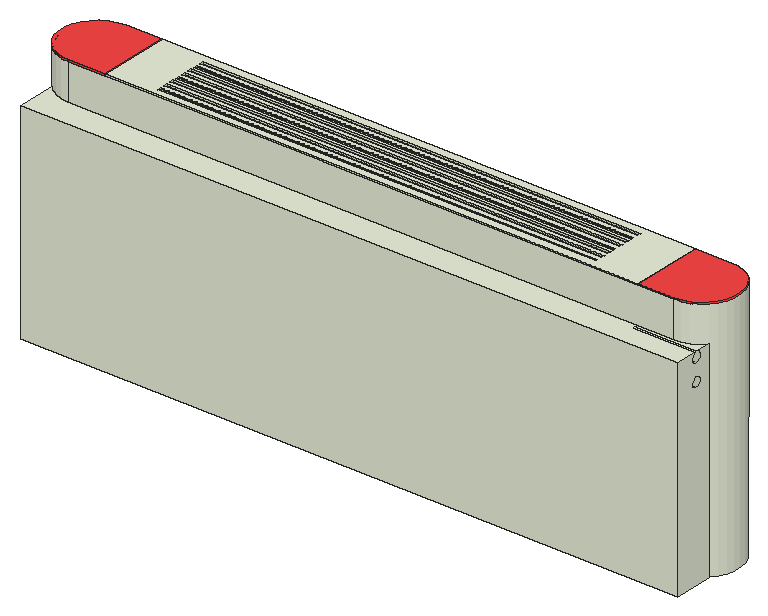
Revit family "MKH1-700-R3(R4) ", category Mechanical Equipment, Revit 2013
Parameters (values of type "MKH1-700-R4")
  clearance access up = 1500.000 mm
  clearance access right = 150.000 mm
  clearance access left = 150.000 mm
  clearance access down = 90.000 mm
  clearance access behind = 50.000 mm
  clearance [instance] = no
  Width = 495.000 mm
  Series = "FCU"
  Rated current = 0.48 A
  Power supply = "220-240V ~50Hz/60Hz"
  Power Input(H/M/L) = "110/89/64 W"
  Panel color = "WH101"
  Net Weight = 28.50 kg
  Model = "MKH1-700-R4"
  Manufacturer = "Midea"
  Machine material = Galvanized Steel
  Liquid pipe = 19.050 mm
  Installation = "Indoor installation"
  Height = 200.000 mm
  Heating Capacity(H/M/L) = "7.15/5.81/4.04 kW"
  Drain pipe = 18.500 mm
  Description = "High efficiency water cooled"
  Depth = 1360.000 mm
  Cooling Capacity(H/M/L) = "6.75/5.80/4.24 kW"
  Condensation = "water"
  Circuit breaker = 15 A
  Air Flow(H/M/L) = "1150/885/591 m3/h"
Types (3, lengths in mm): name | Rated current | Power Input(H/M/L) | Net Weight | Model | Heating Capacity(H/M/L) | Cooling Capacity(H/M/L) | Air Flow(H/M/L)
  (no name) | 0.48 A | "110/89/64 W" | 28.50 kg | "MKH1-700-R4" | "7.15/5.81/4.04 kW" | "6.75/5.80/4.24 kW" | "1150/885/591 m3/h"
  MKH1-700-R3 | 0.53 A | "123/98/68 W" | 27.30 kg | "MKH1-700-R3" | "6.15/4.92/3.49 kW" | "6.00/5.03/3.71 kW" | "1190/855/555 m3/h"
  MKH1-700-R4 | 0.48 A | "110/89/64 W" | 28.50 kg | "MKH1-700-R4" | "7.15/5.81/4.04 kW" | "6.75/5.80/4.24 kW" | "1150/885/591 m3/h"
Reference planes
  plane 1 "Center (Front/Back)": y = 0
  plane 2: z = 0
  plane 3 "Center (Left/Right)": x = 0
  plane 4: x = -680
  plane 5: x = 680
  plane 6: z = 200
  plane 7: z = 80
  plane 8: x = 323
  plane 9: x = -323
  plane 10: y = 28
  plane 11: y = -100
  plane 12: y = 100
  plane 13: y = 150
  plane 14: y = -44
  plane 15: x = 440
  plane 16: x = -440
Forms (mm)
  Extrusion 1, solid, material "Galvanized Steel" <- "Machine material"
    sketch origin (0, -100, 247.5) x (1, 0, 0) y (0, 1, 0)
      loop
        arc (608, 56) -> (680, 128) -> (608, 200) r 72
        line (608, 200) -> (-608, 200)
        arc (-608, 200) -> (-680, 128) -> (-608, 56) r 72
        line (-608, 56) -> (608, 56)
      loop
        line (608, 195) -> (-608, 195)
        arc (-608, 195) -> (-675, 128) -> (-608, 61) r 67
        line (-608, 61) -> (608, 61)
        arc (608, 61) -> (675, 128) -> (608, 195) r 67
    from -247.5 to 244.5
  Extrusion 2, solid, material "jinshu red"
    sketch origin (-115, -100, 247.5) x (1, 0, 0) y (0, 1, 0)
      loop
        arc (723, 56) -> (795, 128) -> (723, 200) r 72
        line (723, 200) -> (651, 200) -> (651, 56) -> (723, 56)
      loop
        arc (-493, 200) -> (-565, 128) -> (-493, 56) r 72
        line (-493, 56) -> (-421, 56) -> (-421, 200) -> (-493, 200)
    from 244.5 to 247.5
  Extrusion 3, solid, material "Galvanized Steel" <- "Machine material"
    sketch origin (0, -100, 247.5) x (1, 0, 0) y (0, 1, 0)
      loop
        line (-536, 200) -> (-536, 56) -> (536, 56) -> (536, 200) -> (-536, 200)
      loop
        line (-440, 183.236) -> (-440, 175.236) -> (440, 175.236) -> (440, 183.236) -> (-440, 183.236)
      loop
        line (-440, 168.236) -> (-440, 160.236) -> (440, 160.236) -> (440, 168.236) -> (-440, 168.236)
      loop
        line (-440, 153.236) -> (-440, 145.236) -> (440, 145.236) -> (440, 153.236) -> (-440, 153.236)
      loop
        line (-440, 138.236) -> (-440, 130.236) -> (440, 130.236) -> (440, 138.236) -> (-440, 138.236)
      loop
        line (-440, 123.236) -> (-440, 115.236) -> (440, 115.236) -> (440, 123.236) -> (-440, 123.236)
      loop
        line (-440, 108.236) -> (-440, 100.236) -> (440, 100.236) -> (440, 108.236) -> (-440, 108.236)
      loop
        line (-440, 93.236) -> (-440, 85.236) -> (440, 85.236) -> (440, 93.236) -> (-440, 93.236)
      loop
        line (-440, 78.236) -> (-440, 70.236) -> (440, 70.236) -> (440, 78.236) -> (-440, 78.236)
    from 244.5 to 247.5
  Extrusion 4, solid, material "Galvanized Steel" <- "Machine material"
    sketch origin (0, -100, 247.5) x (1, 0, 0) y (0, 1, 0)
      loop
        line (-660, 0) -> (660, 0) -> (660, 78.2)
        arc (660, 78.2) -> (636.27, 61.782) -> (608, 56) r 72
        line (608, 56) -> (-608, 56)
        arc (-608, 56) -> (-636.27, 61.782) -> (-660, 78.2) r 72
        line (-660, 78.2) -> (-660, 0)
    from -247.5 to 172.347
  Extrusion 5, solid, material "Galvanized Steel" <- "Machine material"
    sketch origin (0, -100, 247.5) x (1, 0, 0) y (0, 1, 0)
      loop
        line (608, 195) -> (-608, 195)
        arc (-608, 195) -> (-675, 128) -> (-608, 61) r 67
        line (-608, 61) -> (608, 61)
        arc (608, 61) -> (675, 128) -> (608, 195) r 67
    from -247.5 to -152.5
  Extrusion 6, solid, material "Galvanized Steel" <- "Machine material"
    sketch origin (500, 500, 0) x (0, -1, 0) y (0, 0, -1)
      loop
        circle (552.877, -410.569) r 9.525
    from 36 to 160
  Extrusion 7, solid, material "Galvanized Steel" <- "Machine material"
    sketch origin (500, 500, -45) x (0, -1, 0) y (0, 0, -1)
      loop
        circle (552.877, -410.569) r 9
    from 36 to 160
  Extrusion 8, void
    sketch origin (-323, 100, 247.5) x (-1, 0, 0) y (0, 0, -1)
      loop
        line (-798, 27.765) -> (-748, 27.765)
        arc (-748, 27.765) -> (-745.5, 30.265) -> (-748, 32.765) r 2.5
        line (-748, 32.765) -> (-798, 32.765)
        arc (-798, 32.765) -> (-800.5, 30.265) -> (-798, 27.765) r 2.5
      loop
        line (-738, 27.765) -> (-688, 27.765)
        arc (-688, 27.765) -> (-685.5, 30.265) -> (-688, 32.765) r 2.5
        line (-688, 32.765) -> (-738, 32.765)
        arc (-738, 32.765) -> (-740.5, 30.265) -> (-738, 27.765) r 2.5
      loop
        line (-678, 27.765) -> (-628, 27.765)
        arc (-628, 27.765) -> (-625.5, 30.265) -> (-628, 32.765) r 2.5
        line (-628, 32.765) -> (-678, 32.765)
        arc (-678, 32.765) -> (-680.5, 30.265) -> (-678, 27.765) r 2.5
      loop
        line (-618, 27.765) -> (-568, 27.765)
        arc (-568, 27.765) -> (-565.5, 30.265) -> (-568, 32.765) r 2.5
        line (-568, 32.765) -> (-618, 32.765)
        arc (-618, 32.765) -> (-620.5, 30.265) -> (-618, 27.765) r 2.5
      loop
        line (-558, 27.765) -> (-508, 27.765)
        arc (-508, 27.765) -> (-505.5, 30.265) -> (-508, 32.765) r 2.5
        line (-508, 32.765) -> (-558, 32.765)
        arc (-558, 32.765) -> (-560.5, 30.265) -> (-558, 27.765) r 2.5
      loop
        line (-498, 27.765) -> (-448, 27.765)
        arc (-448, 27.765) -> (-445.5, 30.265) -> (-448, 32.765) r 2.5
        line (-448, 32.765) -> (-498, 32.765)
        arc (-498, 32.765) -> (-500.5, 30.265) -> (-498, 27.765) r 2.5
      loop
        line (-438, 27.765) -> (-388, 27.765)
        arc (-388, 27.765) -> (-385.5, 30.265) -> (-388, 32.765) r 2.5
        line (-388, 32.765) -> (-438, 32.765)
        arc (-438, 32.765) -> (-440.5, 30.265) -> (-438, 27.765) r 2.5
      loop
        line (-378, 27.765) -> (-328, 27.765)
        arc (-328, 27.765) -> (-325.5, 30.265) -> (-328, 32.765) r 2.5
        line (-328, 32.765) -> (-378, 32.765)
        arc (-378, 32.765) -> (-380.5, 30.265) -> (-378, 27.765) r 2.5
      loop
        line (-318, 27.765) -> (-268, 27.765)
        arc (-268, 27.765) -> (-265.5, 30.265) -> (-268, 32.765) r 2.5
        line (-268, 32.765) -> (-318, 32.765)
        arc (-318, 32.765) -> (-320.5, 30.265) -> (-318, 27.765) r 2.5
      loop
        line (-258, 27.765) -> (-208, 27.765)
        arc (-208, 27.765) -> (-205.5, 30.265) -> (-208, 32.765) r 2.5
        line (-208, 32.765) -> (-258, 32.765)
        arc (-258, 32.765) -> (-260.5, 30.265) -> (-258, 27.765) r 2.5
      loop
        line (-198, 27.765) -> (-148, 27.765)
        arc (-148, 27.765) -> (-145.5, 30.265) -> (-148, 32.765) r 2.5
        line (-148, 32.765) -> (-198, 32.765)
        arc (-198, 32.765) -> (-200.5, 30.265) -> (-198, 27.765) r 2.5
      loop
        line (-138, 27.765) -> (-88, 27.765)
        arc (-88, 27.765) -> (-85.5, 30.265) -> (-88, 32.765) r 2.5
        line (-88, 32.765) -> (-138, 32.765)
        arc (-138, 32.765) -> (-140.5, 30.265) -> (-138, 27.765) r 2.5
      loop
        line (-78, 27.765) -> (-28, 27.765)
        arc (-28, 27.765) -> (-25.5, 30.265) -> (-28, 32.765) r 2.5
        line (-28, 32.765) -> (-78, 32.765)
        arc (-78, 32.765) -> (-80.5, 30.265) -> (-78, 27.765) r 2.5
      loop
        line (-18, 27.765) -> (32, 27.765)
        arc (32, 27.765) -> (34.5, 30.265) -> (32, 32.765) r 2.5
        line (32, 32.765) -> (-18, 32.765)
        arc (-18, 32.765) -> (-20.5, 30.265) -> (-18, 27.765) r 2.5
      loop
        line (42, 27.765) -> (92, 27.765)
        arc (92, 27.765) -> (94.5, 30.265) -> (92, 32.765) r 2.5
        line (92, 32.765) -> (42, 32.765)
        arc (42, 32.765) -> (39.5, 30.265) -> (42, 27.765) r 2.5
      loop
        line (102, 27.765) -> (152, 27.765)
        arc (152, 27.765) -> (154.5, 30.265) -> (152, 32.765) r 2.5
        line (152, 32.765) -> (102, 32.765)
        arc (102, 32.765) -> (99.5, 30.265) -> (102, 27.765) r 2.5
      loop
        line (-798, 37.765) -> (-748, 37.765)
        arc (-748, 37.765) -> (-745.5, 40.265) -> (-748, 42.765) r 2.5
        line (-748, 42.765) -> (-798, 42.765)
        arc (-798, 42.765) -> (-800.5, 40.265) -> (-798, 37.765) r 2.5
      loop
        line (-738, 37.765) -> (-688, 37.765)
        arc (-688, 37.765) -> (-685.5, 40.265) -> (-688, 42.765) r 2.5
        line (-688, 42.765) -> (-738, 42.765)
        arc (-738, 42.765) -> (-740.5, 40.265) -> (-738, 37.765) r 2.5
      loop
        line (-678, 37.765) -> (-628, 37.765)
        arc (-628, 37.765) -> (-625.5, 40.265) -> (-628, 42.765) r 2.5
        line (-628, 42.765) -> (-678, 42.765)
        arc (-678, 42.765) -> (-680.5, 40.265) -> (-678, 37.765) r 2.5
      loop
        line (-618, 37.765) -> (-568, 37.765)
        arc (-568, 37.765) -> (-565.5, 40.265) -> (-568, 42.765) r 2.5
        line (-568, 42.765) -> (-618, 42.765)
        arc (-618, 42.765) -> (-620.5, 40.265) -> (-618, 37.765) r 2.5
      loop
        line (-558, 37.765) -> (-508, 37.765)
        arc (-508, 37.765) -> (-505.5, 40.265) -> (-508, 42.765) r 2.5
        line (-508, 42.765) -> (-558, 42.765)
        arc (-558, 42.765) -> (-560.5, 40.265) -> (-558, 37.765) r 2.5
      loop
        line (-498, 37.765) -> (-448, 37.765)
        arc (-448, 37.765) -> (-445.5, 40.265) -> (-448, 42.765) r 2.5
        line (-448, 42.765) -> (-498, 42.765)
        arc (-498, 42.765) -> (-500.5, 40.265) -> (-498, 37.765) r 2.5
      loop
        line (-438, 37.765) -> (-388, 37.765)
        arc (-388, 37.765) -> (-385.5, 40.265) -> (-388, 42.765) r 2.5
        line (-388, 42.765) -> (-438, 42.765)
        arc (-438, 42.765) -> (-440.5, 40.265) -> (-438, 37.765) r 2.5
      loop
        line (-378, 37.765) -> (-328, 37.765)
        arc (-328, 37.765) -> (-325.5, 40.265) -> (-328, 42.765) r 2.5
        line (-328, 42.765) -> (-378, 42.765)
        arc (-378, 42.765) -> (-380.5, 40.265) -> (-378, 37.765) r 2.5
      loop
        line (-318, 37.765) -> (-268, 37.765)
        arc (-268, 37.765) -> (-265.5, 40.265) -> (-268, 42.765) r 2.5
        line (-268, 42.765) -> (-318, 42.765)
        arc (-318, 42.765) -> (-320.5, 40.265) -> (-318, 37.765) r 2.5
      loop
        line (-258, 37.765) -> (-208, 37.765)
        arc (-208, 37.765) -> (-205.5, 40.265) -> (-208, 42.765) r 2.5
        line (-208, 42.765) -> (-258, 42.765)
        arc (-258, 42.765) -> (-260.5, 40.265) -> (-258, 37.765) r 2.5
      loop
        line (-198, 37.765) -> (-148, 37.765)
        arc (-148, 37.765) -> (-145.5, 40.265) -> (-148, 42.765) r 2.5
        line (-148, 42.765) -> (-198, 42.765)
        arc (-198, 42.765) -> (-200.5, 40.265) -> (-198, 37.765) r 2.5
      loop
        line (-138, 37.765) -> (-88, 37.765)
        arc (-88, 37.765) -> (-85.5, 40.265) -> (-88, 42.765) r 2.5
        line (-88, 42.765) -> (-138, 42.765)
        arc (-138, 42.765) -> (-140.5, 40.265) -> (-138, 37.765) r 2.5
      loop
        line (-78, 37.765) -> (-28, 37.765)
        arc (-28, 37.765) -> (-25.5, 40.265) -> (-28, 42.765) r 2.5
        line (-28, 42.765) -> (-78, 42.765)
        arc (-78, 42.765) -> (-80.5, 40.265) -> (-78, 37.765) r 2.5
      loop
        line (-18, 37.765) -> (32, 37.765)
        arc (32, 37.765) -> (34.5, 40.265) -> (32, 42.765) r 2.5
        line (32, 42.765) -> (-18, 42.765)
        arc (-18, 42.765) -> (-20.5, 40.265) -> (-18, 37.765) r 2.5
      loop
        line (42, 37.765) -> (92, 37.765)
        arc (92, 37.765) -> (94.5, 40.265) -> (92, 42.765) r 2.5
        line (92, 42.765) -> (42, 42.765)
        arc (42, 42.765) -> (39.5, 40.265) -> (42, 37.765) r 2.5
      loop
        line (102, 37.765) -> (152, 37.765)
        arc (152, 37.765) -> (154.5, 40.265) -> (152, 42.765) r 2.5
        line (152, 42.765) -> (102, 42.765)
        arc (102, 42.765) -> (99.5, 40.265) -> (102, 37.765) r 2.5
      loop
        line (-798, 47.765) -> (-748, 47.765)
        arc (-748, 47.765) -> (-745.5, 50.265) -> (-748, 52.765) r 2.5
        line (-748, 52.765) -> (-798, 52.765)
        arc (-798, 52.765) -> (-800.5, 50.265) -> (-798, 47.765) r 2.5
      loop
        line (-738, 47.765) -> (-688, 47.765)
        arc (-688, 47.765) -> (-685.5, 50.265) -> (-688, 52.765) r 2.5
        line (-688, 52.765) -> (-738, 52.765)
        arc (-738, 52.765) -> (-740.5, 50.265) -> (-738, 47.765) r 2.5
      loop
        line (-678, 47.765) -> (-628, 47.765)
        arc (-628, 47.765) -> (-625.5, 50.265) -> (-628, 52.765) r 2.5
        line (-628, 52.765) -> (-678, 52.765)
        arc (-678, 52.765) -> (-680.5, 50.265) -> (-678, 47.765) r 2.5
      loop
        line (-618, 47.765) -> (-568, 47.765)
        arc (-568, 47.765) -> (-565.5, 50.265) -> (-568, 52.765) r 2.5
        line (-568, 52.765) -> (-618, 52.765)
        arc (-618, 52.765) -> (-620.5, 50.265) -> (-618, 47.765) r 2.5
      loop
        line (-558, 47.765) -> (-508, 47.765)
        arc (-508, 47.765) -> (-505.5, 50.265) -> (-508, 52.765) r 2.5
        line (-508, 52.765) -> (-558, 52.765)
        arc (-558, 52.765) -> (-560.5, 50.265) -> (-558, 47.765) r 2.5
      loop
        line (-498, 47.765) -> (-448, 47.765)
        arc (-448, 47.765) -> (-445.5, 50.265) -> (-448, 52.765) r 2.5
        line (-448, 52.765) -> (-498, 52.765)
        arc (-498, 52.765) -> (-500.5, 50.265) -> (-498, 47.765) r 2.5
      loop
        line (-438, 47.765) -> (-388, 47.765)
        arc (-388, 47.765) -> (-385.5, 50.265) -> (-388, 52.765) r 2.5
        line (-388, 52.765) -> (-438, 52.765)
        arc (-438, 52.765) -> (-440.5, 50.265) -> (-438, 47.765) r 2.5
      loop
        line (-378, 47.765) -> (-328, 47.765)
        arc (-328, 47.765) -> (-325.5, 50.265) -> (-328, 52.765) r 2.5
        line (-328, 52.765) -> (-378, 52.765)
        arc (-378, 52.765) -> (-380.5, 50.265) -> (-378, 47.765) r 2.5
      loop
        line (-318, 47.765) -> (-268, 47.765)
        arc (-268, 47.765) -> (-265.5, 50.265) -> (-268, 52.765) r 2.5
        line (-268, 52.765) -> (-318, 52.765)
        arc (-318, 52.765) -> (-320.5, 50.265) -> (-318, 47.765) r 2.5
      loop
        line (-258, 47.765) -> (-208, 47.765)
        arc (-208, 47.765) -> (-205.5, 50.265) -> (-208, 52.765) r 2.5
        line (-208, 52.765) -> (-258, 52.765)
        arc (-258, 52.765) -> (-260.5, 50.265) -> (-258, 47.765) r 2.5
      loop
        line (-198, 47.765) -> (-148, 47.765)
        arc (-148, 47.765) -> (-145.5, 50.265) -> (-148, 52.765) r 2.5
        line (-148, 52.765) -> (-198, 52.765)
        arc (-198, 52.765) -> (-200.5, 50.265) -> (-198, 47.765) r 2.5
      loop
        line (-138, 47.765) -> (-88, 47.765)
        arc (-88, 47.765) -> (-85.5, 50.265) -> (-88, 52.765) r 2.5
        line (-88, 52.765) -> (-138, 52.765)
        arc (-138, 52.765) -> (-140.5, 50.265) -> (-138, 47.765) r 2.5
      loop
        line (-78, 47.765) -> (-28, 47.765)
        arc (-28, 47.765) -> (-25.5, 50.265) -> (-28, 52.765) r 2.5
        line (-28, 52.765) -> (-78, 52.765)
        arc (-78, 52.765) -> (-80.5, 50.265) -> (-78, 47.765) r 2.5
      loop
        line (-18, 47.765) -> (32, 47.765)
        arc (32, 47.765) -> (34.5, 50.265) -> (32, 52.765) r 2.5
        line (32, 52.765) -> (-18, 52.765)
        arc (-18, 52.765) -> (-20.5, 50.265) -> (-18, 47.765) r 2.5
      loop
        line (42, 47.765) -> (92, 47.765)
        arc (92, 47.765) -> (94.5, 50.265) -> (92, 52.765) r 2.5
        line (92, 52.765) -> (42, 52.765)
        arc (42, 52.765) -> (39.5, 50.265) -> (42, 47.765) r 2.5
      loop
        line (102, 47.765) -> (152, 47.765)
        arc (152, 47.765) -> (154.5, 50.265) -> (152, 52.765) r 2.5
        line (152, 52.765) -> (102, 52.765)
        arc (102, 52.765) -> (99.5, 50.265) -> (102, 47.765) r 2.5
      loop
        line (-798, 57.765) -> (-748, 57.765)
        arc (-748, 57.765) -> (-745.5, 60.265) -> (-748, 62.765) r 2.5
        line (-748, 62.765) -> (-798, 62.765)
        arc (-798, 62.765) -> (-800.5, 60.265) -> (-798, 57.765) r 2.5
      loop
        line (-738, 57.765) -> (-688, 57.765)
        arc (-688, 57.765) -> (-685.5, 60.265) -> (-688, 62.765) r 2.5
        line (-688, 62.765) -> (-738, 62.765)
        arc (-738, 62.765) -> (-740.5, 60.265) -> (-738, 57.765) r 2.5
      loop
        line (-678, 57.765) -> (-628, 57.765)
        arc (-628, 57.765) -> (-625.5, 60.265) -> (-628, 62.765) r 2.5
        line (-628, 62.765) -> (-678, 62.765)
        arc (-678, 62.765) -> (-680.5, 60.265) -> (-678, 57.765) r 2.5
      loop
        line (-618, 57.765) -> (-568, 57.765)
        arc (-568, 57.765) -> (-565.5, 60.265) -> (-568, 62.765) r 2.5
        line (-568, 62.765) -> (-618, 62.765)
        arc (-618, 62.765) -> (-620.5, 60.265) -> (-618, 57.765) r 2.5
      loop
        line (-558, 57.765) -> (-508, 57.765)
        arc (-508, 57.765) -> (-505.5, 60.265) -> (-508, 62.765) r 2.5
        line (-508, 62.765) -> (-558, 62.765)
        arc (-558, 62.765) -> (-560.5, 60.265) -> (-558, 57.765) r 2.5
      loop
        line (-498, 57.765) -> (-448, 57.765)
        arc (-448, 57.765) -> (-445.5, 60.265) -> (-448, 62.765) r 2.5
        line (-448, 62.765) -> (-498, 62.765)
        arc (-498, 62.765) -> (-500.5, 60.265) -> (-498, 57.765) r 2.5
      loop
        line (-438, 57.765) -> (-388, 57.765)
        arc (-388, 57.765) -> (-385.5, 60.265) -> (-388, 62.765) r 2.5
        line (-388, 62.765) -> (-438, 62.765)
        arc (-438, 62.765) -> (-440.5, 60.265) -> (-438, 57.765) r 2.5
      loop
        line (-378, 57.765) -> (-328, 57.765)
        arc (-328, 57.765) -> (-325.5, 60.265) -> (-328, 62.765) r 2.5
        line (-328, 62.765) -> (-378, 62.765)
        arc (-378, 62.765) -> (-380.5, 60.265) -> (-378, 57.765) r 2.5
      loop
        line (-318, 57.765) -> (-268, 57.765)
        arc (-268, 57.765) -> (-265.5, 60.265) -> (-268, 62.765) r 2.5
        line (-268, 62.765) -> (-318, 62.765)
        arc (-318, 62.765) -> (-320.5, 60.265) -> (-318, 57.765) r 2.5
      loop
        line (-258, 57.765) -> (-208, 57.765)
        arc (-208, 57.765) -> (-205.5, 60.265) -> (-208, 62.765) r 2.5
        line (-208, 62.765) -> (-258, 62.765)
        arc (-258, 62.765) -> (-260.5, 60.265) -> (-258, 57.765) r 2.5
      loop
        line (-198, 57.765) -> (-148, 57.765)
        arc (-148, 57.765) -> (-145.5, 60.265) -> (-148, 62.765) r 2.5
        line (-148, 62.765) -> (-198, 62.765)
        arc (-198, 62.765) -> (-200.5, 60.265) -> (-198, 57.765) r 2.5
      loop
        line (-138, 57.765) -> (-88, 57.765)
        arc (-88, 57.765) -> (-85.5, 60.265) -> (-88, 62.765) r 2.5
        line (-88, 62.765) -> (-138, 62.765)
        arc (-138, 62.765) -> (-140.5, 60.265) -> (-138, 57.765) r 2.5
      loop
        line (-78, 57.765) -> (-28, 57.765)
        arc (-28, 57.765) -> (-25.5, 60.265) -> (-28, 62.765) r 2.5
        line (-28, 62.765) -> (-78, 62.765)
        arc (-78, 62.765) -> (-80.5, 60.265) -> (-78, 57.765) r 2.5
      loop
        line (-18, 57.765) -> (32, 57.765)
        arc (32, 57.765) -> (34.5, 60.265) -> (32, 62.765) r 2.5
        line (32, 62.765) -> (-18, 62.765)
        arc (-18, 62.765) -> (-20.5, 60.265) -> (-18, 57.765) r 2.5
      loop
        line (42, 57.765) -> (92, 57.765)
        arc (92, 57.765) -> (94.5, 60.265) -> (92, 62.765) r 2.5
        line (92, 62.765) -> (42, 62.765)
        arc (42, 62.765) -> (39.5, 60.265) -> (42, 57.765) r 2.5
      loop
        line (102, 57.765) -> (152, 57.765)
        arc (152, 57.765) -> (154.5, 60.265) -> (152, 62.765) r 2.5
        line (152, 62.765) -> (102, 62.765)
        arc (102, 62.765) -> (99.5, 60.265) -> (102, 57.765) r 2.5
      loop
        line (-798, 67.765) -> (-748, 67.765)
        arc (-748, 67.765) -> (-745.5, 70.265) -> (-748, 72.765) r 2.5
        line (-748, 72.765) -> (-798, 72.765)
        arc (-798, 72.765) -> (-800.5, 70.265) -> (-798, 67.765) r 2.5
      loop
        line (-738, 67.765) -> (-688, 67.765)
        arc (-688, 67.765) -> (-685.5, 70.265) -> (-688, 72.765) r 2.5
        line (-688, 72.765) -> (-738, 72.765)
        arc (-738, 72.765) -> (-740.5, 70.265) -> (-738, 67.765) r 2.5
      loop
        line (-678, 67.765) -> (-628, 67.765)
        arc (-628, 67.765) -> (-625.5, 70.265) -> (-628, 72.765) r 2.5
        line (-628, 72.765) -> (-678, 72.765)
        arc (-678, 72.765) -> (-680.5, 70.265) -> (-678, 67.765) r 2.5
      loop
        line (-618, 67.765) -> (-568, 67.765)
        arc (-568, 67.765) -> (-565.5, 70.265) -> (-568, 72.765) r 2.5
        line (-568, 72.765) -> (-618, 72.765)
        arc (-618, 72.765) -> (-620.5, 70.265) -> (-618, 67.765) r 2.5
      loop
        line (-558, 67.765) -> (-508, 67.765)
        arc (-508, 67.765) -> (-505.5, 70.265) -> (-508, 72.765) r 2.5
        line (-508, 72.765) -> (-558, 72.765)
        arc (-558, 72.765) -> (-560.5, 70.265) -> (-558, 67.765) r 2.5
      loop
        line (-498, 67.765) -> (-448, 67.765)
        arc (-448, 67.765) -> (-445.5, 70.265) -> (-448, 72.765) r 2.5
        line (-448, 72.765) -> (-498, 72.765)
        arc (-498, 72.765) -> (-500.5, 70.265) -> (-498, 67.765) r 2.5
      loop
        line (-438, 67.765) -> (-388, 67.765)
        arc (-388, 67.765) -> (-385.5, 70.265) -> (-388, 72.765) r 2.5
        line (-388, 72.765) -> (-438, 72.765)
        arc (-438, 72.765) -> (-440.5, 70.265) -> (-438, 67.765) r 2.5
      loop
        line (-378, 67.765) -> (-328, 67.765)
        arc (-328, 67.765) -> (-325.5, 70.265) -> (-328, 72.765) r 2.5
        line (-328, 72.765) -> (-378, 72.765)
        arc (-378, 72.765) -> (-380.5, 70.265) -> (-378, 67.765) r 2.5
      loop
        line (-318, 67.765) -> (-268, 67.765)
        arc (-268, 67.765) -> (-265.5, 70.265) -> (-268, 72.765) r 2.5
        line (-268, 72.765) -> (-318, 72.765)
        arc (-318, 72.765) -> (-320.5, 70.265) -> (-318, 67.765) r 2.5
      loop
        line (-258, 67.765) -> (-208, 67.765)
        arc (-208, 67.765) -> (-205.5, 70.265) -> (-208, 72.765) r 2.5
        line (-208, 72.765) -> (-258, 72.765)
        arc (-258, 72.765) -> (-260.5, 70.265) -> (-258, 67.765) r 2.5
      loop
        line (-198, 67.765) -> (-148, 67.765)
        arc (-148, 67.765) -> (-145.5, 70.265) -> (-148, 72.765) r 2.5
        line (-148, 72.765) -> (-198, 72.765)
        arc (-198, 72.765) -> (-200.5, 70.265) -> (-198, 67.765) r 2.5
      loop
        line (-138, 67.765) -> (-88, 67.765)
        arc (-88, 67.765) -> (-85.5, 70.265) -> (-88, 72.765) r 2.5
        line (-88, 72.765) -> (-138, 72.765)
        arc (-138, 72.765) -> (-140.5, 70.265) -> (-138, 67.765) r 2.5
      loop
        line (-78, 67.765) -> (-28, 67.765)
        arc (-28, 67.765) -> (-25.5, 70.265) -> (-28, 72.765) r 2.5
        line (-28, 72.765) -> (-78, 72.765)
        arc (-78, 72.765) -> (-80.5, 70.265) -> (-78, 67.765) r 2.5
      loop
        line (-18, 67.765) -> (32, 67.765)
        arc (32, 67.765) -> (34.5, 70.265) -> (32, 72.765) r 2.5
        line (32, 72.765) -> (-18, 72.765)
        arc (-18, 72.765) -> (-20.5, 70.265) -> (-18, 67.765) r 2.5
      loop
        line (42, 67.765) -> (92, 67.765)
        arc (92, 67.765) -> (94.5, 70.265) -> (92, 72.765) r 2.5
        line (92, 72.765) -> (42, 72.765)
        arc (42, 72.765) -> (39.5, 70.265) -> (42, 67.765) r 2.5
      loop
        line (102, 67.765) -> (152, 67.765)
        arc (152, 67.765) -> (154.5, 70.265) -> (152, 72.765) r 2.5
        line (152, 72.765) -> (102, 72.765)
        arc (102, 72.765) -> (99.5, 70.265) -> (102, 67.765) r 2.5
      loop
        line (-798, 77.765) -> (-748, 77.765)
        arc (-748, 77.765) -> (-745.5, 80.265) -> (-748, 82.765) r 2.5
        line (-748, 82.765) -> (-798, 82.765)
        arc (-798, 82.765) -> (-800.5, 80.265) -> (-798, 77.765) r 2.5
      loop
        line (-738, 77.765) -> (-688, 77.765)
        arc (-688, 77.765) -> (-685.5, 80.265) -> (-688, 82.765) r 2.5
        line (-688, 82.765) -> (-738, 82.765)
        arc (-738, 82.765) -> (-740.5, 80.265) -> (-738, 77.765) r 2.5
      loop
        line (-678, 77.765) -> (-628, 77.765)
        arc (-628, 77.765) -> (-625.5, 80.265) -> (-628, 82.765) r 2.5
        line (-628, 82.765) -> (-678, 82.765)
        arc (-678, 82.765) -> (-680.5, 80.265) -> (-678, 77.765) r 2.5
      loop
        line (-618, 77.765) -> (-568, 77.765)
        arc (-568, 77.765) -> (-565.5, 80.265) -> (-568, 82.765) r 2.5
        line (-568, 82.765) -> (-618, 82.765)
        arc (-618, 82.765) -> (-620.5, 80.265) -> (-618, 77.765) r 2.5
      loop
        line (-558, 77.765) -> (-508, 77.765)
        arc (-508, 77.765) -> (-505.5, 80.265) -> (-508, 82.765) r 2.5
        line (-508, 82.765) -> (-558, 82.765)
        arc (-558, 82.765) -> (-560.5, 80.265) -> (-558, 77.765) r 2.5
      loop
        line (-498, 77.765) -> (-448, 77.765)
        arc (-448, 77.765) -> (-445.5, 80.265) -> (-448, 82.765) r 2.5
        line (-448, 82.765) -> (-498, 82.765)
        arc (-498, 82.765) -> (-500.5, 80.265) -> (-498, 77.765) r 2.5
      loop
        line (-438, 77.765) -> (-388, 77.765)
        arc (-388, 77.765) -> (-385.5, 80.265) -> (-388, 82.765) r 2.5
        line (-388, 82.765) -> (-438, 82.765)
        arc (-438, 82.765) -> (-440.5, 80.265) -> (-438, 77.765) r 2.5
      loop
        line (-378, 77.765) -> (-328, 77.765)
        arc (-328, 77.765) -> (-325.5, 80.265) -> (-328, 82.765) r 2.5
        line (-328, 82.765) -> (-378, 82.765)
        arc (-378, 82.765) -> (-380.5, 80.265) -> (-378, 77.765) r 2.5
      loop
        line (-318, 77.765) -> (-268, 77.765)
        arc (-268, 77.765) -> (-265.5, 80.265) -> (-268, 82.765) r 2.5
        line (-268, 82.765) -> (-318, 82.765)
        arc (-318, 82.765) -> (-320.5, 80.265) -> (-318, 77.765) r 2.5
      loop
        line (-258, 77.765) -> (-208, 77.765)
        arc (-208, 77.765) -> (-205.5, 80.265) -> (-208, 82.765) r 2.5
        line (-208, 82.765) -> (-258, 82.765)
        arc (-258, 82.765) -> (-260.5, 80.265) -> (-258, 77.765) r 2.5
      loop
        line (-198, 77.765) -> (-148, 77.765)
        arc (-148, 77.765) -> (-145.5, 80.265) -> (-148, 82.765) r 2.5
        line (-148, 82.765) -> (-198, 82.765)
        arc (-198, 82.765) -> (-200.5, 80.265) -> (-198, 77.765) r 2.5
      loop
        line (-138, 77.765) -> (-88, 77.765)
        arc (-88, 77.765) -> (-85.5, 80.265) -> (-88, 82.765) r 2.5
        line (-88, 82.765) -> (-138, 82.765)
        arc (-138, 82.765) -> (-140.5, 80.265) -> (-138, 77.765) r 2.5
      loop
        line (-78, 77.765) -> (-28, 77.765)
        arc (-28, 77.765) -> (-25.5, 80.265) -> (-28, 82.765) r 2.5
        line (-28, 82.765) -> (-78, 82.765)
        arc (-78, 82.765) -> (-80.5, 80.265) -> (-78, 77.765) r 2.5
      loop
        line (-18, 77.765) -> (32, 77.765)
        arc (32, 77.765) -> (34.5, 80.265) -> (32, 82.765) r 2.5
        line (32, 82.765) -> (-18, 82.765)
        arc (-18, 82.765) -> (-20.5, 80.265) -> (-18, 77.765) r 2.5
      loop
        line (42, 77.765) -> (92, 77.765)
        arc (92, 77.765) -> (94.5, 80.265) -> (92, 82.765) r 2.5
        line (92, 82.765) -> (42, 82.765)
        arc (42, 82.765) -> (39.5, 80.265) -> (42, 77.765) r 2.5
      loop
        line (102, 77.765) -> (152, 77.765)
        arc (152, 77.765) -> (154.5, 80.265) -> (152, 82.765) r 2.5
        line (152, 82.765) -> (102, 82.765)
        arc (102, 82.765) -> (99.5, 80.265) -> (102, 77.765) r 2.5
      loop
        line (-798, 87.765) -> (-748, 87.765)
        arc (-748, 87.765) -> (-745.5, 90.265) -> (-748, 92.765) r 2.5
        line (-748, 92.765) -> (-798, 92.765)
        arc (-798, 92.765) -> (-800.5, 90.265) -> (-798, 87.765) r 2.5
      loop
        line (-738, 87.765) -> (-688, 87.765)
        arc (-688, 87.765) -> (-685.5, 90.265) -> (-688, 92.765) r 2.5
        line (-688, 92.765) -> (-738, 92.765)
        arc (-738, 92.765) -> (-740.5, 90.265) -> (-738, 87.765) r 2.5
      loop
        line (-678, 87.765) -> (-628, 87.765)
        arc (-628, 87.765) -> (-625.5, 90.265) -> (-628, 92.765) r 2.5
        line (-628, 92.765) -> (-678, 92.765)
        arc (-678, 92.765) -> (-680.5, 90.265) -> (-678, 87.765) r 2.5
      loop
        line (-618, 87.765) -> (-568, 87.765)
        arc (-568, 87.765) -> (-565.5, 90.265) -> (-568, 92.765) r 2.5
        line (-568, 92.765) -> (-618, 92.765)
        arc (-618, 92.765) -> (-620.5, 90.265) -> (-618, 87.765) r 2.5
      loop
        line (-558, 87.765) -> (-508, 87.765)
        arc (-508, 87.765) -> (-505.5, 90.265) -> (-508, 92.765) r 2.5
        line (-508, 92.765) -> (-558, 92.765)
        arc (-558, 92.765) -> (-560.5, 90.265) -> (-558, 87.765) r 2.5
      loop
        line (-498, 87.765) -> (-448, 87.765)
        arc (-448, 87.765) -> (-445.5, 90.265) -> (-448, 92.765) r 2.5
        line (-448, 92.765) -> (-498, 92.765)
        arc (-498, 92.765) -> (-500.5, 90.265) -> (-498, 87.765) r 2.5
      loop
        line (-438, 87.765) -> (-388, 87.765)
        arc (-388, 87.765) -> (-385.5, 90.265) -> (-388, 92.765) r 2.5
        line (-388, 92.765) -> (-438, 92.765)
        arc (-438, 92.765) -> (-440.5, 90.265) -> (-438, 87.765) r 2.5
      loop
        line (-378, 87.765) -> (-328, 87.765)
        arc (-328, 87.765) -> (-325.5, 90.265) -> (-328, 92.765) r 2.5
        line (-328, 92.765) -> (-378, 92.765)
        arc (-378, 92.765) -> (-380.5, 90.265) -> (-378, 87.765) r 2.5
      loop
        line (-318, 87.765) -> (-268, 87.765)
        arc (-268, 87.765) -> (-265.5, 90.265) -> (-268, 92.765) r 2.5
        line (-268, 92.765) -> (-318, 92.765)
        arc (-318, 92.765) -> (-320.5, 90.265) -> (-318, 87.765) r 2.5
      loop
        line (-258, 87.765) -> (-208, 87.765)
        arc (-208, 87.765) -> (-205.5, 90.265) -> (-208, 92.765) r 2.5
        line (-208, 92.765) -> (-258, 92.765)
        arc (-258, 92.765) -> (-260.5, 90.265) -> (-258, 87.765) r 2.5
      loop
        line (-198, 87.765) -> (-148, 87.765)
        arc (-148, 87.765) -> (-145.5, 90.265) -> (-148, 92.765) r 2.5
        line (-148, 92.765) -> (-198, 92.765)
        arc (-198, 92.765) -> (-200.5, 90.265) -> (-198, 87.765) r 2.5
      loop
        line (-138, 87.765) -> (-88, 87.765)
        arc (-88, 87.765) -> (-85.5, 90.265) -> (-88, 92.765) r 2.5
        line (-88, 92.765) -> (-138, 92.765)
        arc (-138, 92.765) -> (-140.5, 90.265) -> (-138, 87.765) r 2.5
      loop
        line (-78, 87.765) -> (-28, 87.765)
        arc (-28, 87.765) -> (-25.5, 90.265) -> (-28, 92.765) r 2.5
        line (-28, 92.765) -> (-78, 92.765)
        arc (-78, 92.765) -> (-80.5, 90.265) -> (-78, 87.765) r 2.5
      loop
        line (-18, 87.765) -> (32, 87.765)
        arc (32, 87.765) -> (34.5, 90.265) -> (32, 92.765) r 2.5
        line (32, 92.765) -> (-18, 92.765)
        arc (-18, 92.765) -> (-20.5, 90.265) -> (-18, 87.765) r 2.5
      loop
        line (42, 87.765) -> (92, 87.765)
        arc (92, 87.765) -> (94.5, 90.265) -> (92, 92.765) r 2.5
        line (92, 92.765) -> (42, 92.765)
        arc (42, 92.765) -> (39.5, 90.265) -> (42, 87.765) r 2.5
      loop
        line (102, 87.765) -> (152, 87.765)
        arc (152, 87.765) -> (154.5, 90.265) -> (152, 92.765) r 2.5
        line (152, 92.765) -> (102, 92.765)
        arc (102, 92.765) -> (99.5, 90.265) -> (102, 87.765) r 2.5
      loop
        line (-798, 97.765) -> (-748, 97.765)
        arc (-748, 97.765) -> (-745.5, 100.265) -> (-748, 102.765) r 2.5
        line (-748, 102.765) -> (-798, 102.765)
        arc (-798, 102.765) -> (-800.5, 100.265) -> (-798, 97.765) r 2.5
      loop
        line (-738, 97.765) -> (-688, 97.765)
        arc (-688, 97.765) -> (-685.5, 100.265) -> (-688, 102.765) r 2.5
        line (-688, 102.765) -> (-738, 102.765)
        arc (-738, 102.765) -> (-740.5, 100.265) -> (-738, 97.765) r 2.5
      loop
        line (-678, 97.765) -> (-628, 97.765)
        arc (-628, 97.765) -> (-625.5, 100.265) -> (-628, 102.765) r 2.5
        line (-628, 102.765) -> (-678, 102.765)
        arc (-678, 102.765) -> (-680.5, 100.265) -> (-678, 97.765) r 2.5
      loop
        line (-618, 97.765) -> (-568, 97.765)
        arc (-568, 97.765) -> (-565.5, 100.265) -> (-568, 102.765) r 2.5
        line (-568, 102.765) -> (-618, 102.765)
        arc (-618, 102.765) -> (-620.5, 100.265) -> (-618, 97.765) r 2.5
      loop
        line (-558, 97.765) -> (-508, 97.765)
        arc (-508, 97.765) -> (-505.5, 100.265) -> (-508, 102.765) r 2.5
        line (-508, 102.765) -> (-558, 102.765)
        arc (-558, 102.765) -> (-560.5, 100.265) -> (-558, 97.765) r 2.5
      loop
        line (-498, 97.765) -> (-448, 97.765)
        arc (-448, 97.765) -> (-445.5, 100.265) -> (-448, 102.765) r 2.5
        line (-448, 102.765) -> (-498, 102.765)
        arc (-498, 102.765) -> (-500.5, 100.265) -> (-498, 97.765) r 2.5
      loop
        line (-438, 97.765) -> (-388, 97.765)
        arc (-388, 97.765) -> (-385.5, 100.265) -> (-388, 102.765) r 2.5
        line (-388, 102.765) -> (-438, 102.765)
        arc (-438, 102.765) -> (-440.5, 100.265) -> (-438, 97.765) r 2.5
      loop
        line (-378, 97.765) -> (-328, 97.765)
        arc (-328, 97.765) -> (-325.5, 100.265) -> (-328, 102.765) r 2.5
        line (-328, 102.765) -> (-378, 102.765)
        arc (-378, 102.765) -> (-380.5, 100.265) -> (-378, 97.765) r 2.5
      loop
        line (-318, 97.765) -> (-268, 97.765)
        arc (-268, 97.765) -> (-265.5, 100.265) -> (-268, 102.765) r 2.5
        line (-268, 102.765) -> (-318, 102.765)
        arc (-318, 102.765) -> (-320.5, 100.265) -> (-318, 97.765) r 2.5
      loop
        line (-258, 97.765) -> (-208, 97.765)
        arc (-208, 97.765) -> (-205.5, 100.265) -> (-208, 102.765) r 2.5
        line (-208, 102.765) -> (-258, 102.765)
        arc (-258, 102.765) -> (-260.5, 100.265) -> (-258, 97.765) r 2.5
      loop
        line (-198, 97.765) -> (-148, 97.765)
        arc (-148, 97.765) -> (-145.5, 100.265) -> (-148, 102.765) r 2.5
        line (-148, 102.765) -> (-198, 102.765)
        arc (-198, 102.765) -> (-200.5, 100.265) -> (-198, 97.765) r 2.5
      loop
        line (-138, 97.765) -> (-88, 97.765)
        arc (-88, 97.765) -> (-85.5, 100.265) -> (-88, 102.765) r 2.5
        line (-88, 102.765) -> (-138, 102.765)
        arc (-138, 102.765) -> (-140.5, 100.265) -> (-138, 97.765) r 2.5
      loop
        line (-78, 97.765) -> (-28, 97.765)
        arc (-28, 97.765) -> (-25.5, 100.265) -> (-28, 102.765) r 2.5
        line (-28, 102.765) -> (-78, 102.765)
        arc (-78, 102.765) -> (-80.5, 100.265) -> (-78, 97.765) r 2.5
      loop
        line (-18, 97.765) -> (32, 97.765)
        arc (32, 97.765) -> (34.5, 100.265) -> (32, 102.765) r 2.5
        line (32, 102.765) -> (-18, 102.765)
        arc (-18, 102.765) -> (-20.5, 100.265) -> (-18, 97.765) r 2.5
      loop
        line (42, 97.765) -> (92, 97.765)
        arc (92, 97.765) -> (94.5, 100.265) -> (92, 102.765) r 2.5
        line (92, 102.765) -> (42, 102.765)
        arc (42, 102.765) -> (39.5, 100.265) -> (42, 97.765) r 2.5
      loop
        line (102, 97.765) -> (152, 97.765)
        arc (152, 97.765) -> (154.5, 100.265) -> (152, 102.765) r 2.5
        line (152, 102.765) -> (102, 102.765)
        arc (102, 102.765) -> (99.5, 100.265) -> (102, 97.765) r 2.5
      loop
        line (-798, 107.765) -> (-748, 107.765)
        arc (-748, 107.765) -> (-745.5, 110.265) -> (-748, 112.765) r 2.5
        line (-748, 112.765) -> (-798, 112.765)
        arc (-798, 112.765) -> (-800.5, 110.265) -> (-798, 107.765) r 2.5
      loop
        line (-738, 107.765) -> (-688, 107.765)
        arc (-688, 107.765) -> (-685.5, 110.265) -> (-688, 112.765) r 2.5
        line (-688, 112.765) -> (-738, 112.765)
        arc (-738, 112.765) -> (-740.5, 110.265) -> (-738, 107.765) r 2.5
      loop
        line (-678, 107.765) -> (-628, 107.765)
        arc (-628, 107.765) -> (-625.5, 110.265) -> (-628, 112.765) r 2.5
        line (-628, 112.765) -> (-678, 112.765)
        arc (-678, 112.765) -> (-680.5, 110.265) -> (-678, 107.765) r 2.5
      loop
        line (-618, 107.765) -> (-568, 107.765)
        arc (-568, 107.765) -> (-565.5, 110.265) -> (-568, 112.765) r 2.5
        line (-568, 112.765) -> (-618, 112.765)
        arc (-618, 112.765) -> (-620.5, 110.265) -> (-618, 107.765) r 2.5
      loop
        line (-558, 107.765) -> (-508, 107.765)
        arc (-508, 107.765) -> (-505.5, 110.265) -> (-508, 112.765) r 2.5
        line (-508, 112.765) -> (-558, 112.765)
        arc (-558, 112.765) -> (-560.5, 110.265) -> (-558, 107.765) r 2.5
      loop
        line (-498, 107.765) -> (-448, 107.765)
        arc (-448, 107.765) -> (-445.5, 110.265) -> (-448, 112.765) r 2.5
        line (-448, 112.765) -> (-498, 112.765)
        arc (-498, 112.765) -> (-500.5, 110.265) -> (-498, 107.765) r 2.5
      loop
        line (-438, 107.765) -> (-388, 107.765)
        arc (-388, 107.765) -> (-385.5, 110.265) -> (-388, 112.765) r 2.5
        line (-388, 112.765) -> (-438, 112.765)
        arc (-438, 112.765) -> (-440.5, 110.265) -> (-438, 107.765) r 2.5
      loop
        line (-378, 107.765) -> (-328, 107.765)
        arc (-328, 107.765) -> (-325.5, 110.265) -> (-328, 112.765) r 2.5
        line (-328, 112.765) -> (-378, 112.765)
        arc (-378, 112.765) -> (-380.5, 110.265) -> (-378, 107.765) r 2.5
      loop
        line (-318, 107.765) -> (-268, 107.765)
        arc (-268, 107.765) -> (-265.5, 110.265) -> (-268, 112.765) r 2.5
        line (-268, 112.765) -> (-318, 112.765)
        arc (-318, 112.765) -> (-320.5, 110.265) -> (-318, 107.765) r 2.5
      loop
        line (-258, 107.765) -> (-208, 107.765)
        arc (-208, 107.765) -> (-205.5, 110.265) -> (-208, 112.765) r 2.5
        line (-208, 112.765) -> (-258, 112.765)
        arc (-258, 112.765) -> (-260.5, 110.265) -> (-258, 107.765) r 2.5
      loop
        line (-198, 107.765) -> (-148, 107.765)
        arc (-148, 107.765) -> (-145.5, 110.265) -> (-148, 112.765) r 2.5
        line (-148, 112.765) -> (-198, 112.765)
        arc (-198, 112.765) -> (-200.5, 110.265) -> (-198, 107.765) r 2.5
      loop
        line (-138, 107.765) -> (-88, 107.765)
        arc (-88, 107.765) -> (-85.5, 110.265) -> (-88, 112.765) r 2.5
        line (-88, 112.765) -> (-138, 112.765)
        arc (-138, 112.765) -> (-140.5, 110.265) -> (-138, 107.765) r 2.5
      loop
        line (-78, 107.765) -> (-28, 107.765)
        arc (-28, 107.765) -> (-25.5, 110.265) -> (-28, 112.765) r 2.5
        line (-28, 112.765) -> (-78, 112.765)
        arc (-78, 112.765) -> (-80.5, 110.265) -> (-78, 107.765) r 2.5
      loop
        line (-18, 107.765) -> (32, 107.765)
        arc (32, 107.765) -> (34.5, 110.265) -> (32, 112.765) r 2.5
        line (32, 112.765) -> (-18, 112.765)
        arc (-18, 112.765) -> (-20.5, 110.265) -> (-18, 107.765) r 2.5
      loop
        line (42, 107.765) -> (92, 107.765)
        arc (92, 107.765) -> (94.5, 110.265) -> (92, 112.765) r 2.5
        line (92, 112.765) -> (42, 112.765)
        arc (42, 112.765) -> (39.5, 110.265) -> (42, 107.765) r 2.5
      loop
        line (102, 107.765) -> (152, 107.765)
        arc (152, 107.765) -> (154.5, 110.265) -> (152, 112.765) r 2.5
        line (152, 112.765) -> (102, 112.765)
        arc (102, 112.765) -> (99.5, 110.265) -> (102, 107.765) r 2.5
      loop
        line (-798, 117.765) -> (-748, 117.765)
        arc (-748, 117.765) -> (-745.5, 120.265) -> (-748, 122.765) r 2.5
        line (-748, 122.765) -> (-798, 122.765)
        arc (-798, 122.765) -> (-800.5, 120.265) -> (-798, 117.765) r 2.5
      loop
        line (-738, 117.765) -> (-688, 117.765)
        arc (-688, 117.765) -> (-685.5, 120.265) -> (-688, 122.765) r 2.5
        line (-688, 122.765) -> (-738, 122.765)
        arc (-738, 122.765) -> (-740.5, 120.265) -> (-738, 117.765) r 2.5
      loop
        line (-678, 117.765) -> (-628, 117.765)
        arc (-628, 117.765) -> (-625.5, 120.265) -> (-628, 122.765) r 2.5
        line (-628, 122.765) -> (-678, 122.765)
        arc (-678, 122.765) -> (-680.5, 120.265) -> (-678, 117.765) r 2.5
      loop
        line (-618, 117.765) -> (-568, 117.765)
        arc (-568, 117.765) -> (-565.5, 120.265) -> (-568, 122.765) r 2.5
        line (-568, 122.765) -> (-618, 122.765)
        arc (-618, 122.765) -> (-620.5, 120.265) -> (-618, 117.765) r 2.5
      loop
        line (-558, 117.765) -> (-508, 117.765)
        arc (-508, 117.765) -> (-505.5, 120.265) -> (-508, 122.765) r 2.5
        line (-508, 122.765) -> (-558, 122.765)
        arc (-558, 122.765) -> (-560.5, 120.265) -> (-558, 117.765) r 2.5
      loop
        line (-498, 117.765) -> (-448, 117.765)
        arc (-448, 117.765) -> (-445.5, 120.265) -> (-448, 122.765) r 2.5
        line (-448, 122.765) -> (-498, 122.765)
        arc (-498, 122.765) -> (-500.5, 120.265) -> (-498, 117.765) r 2.5
      loop
        line (-438, 117.765) -> (-388, 117.765)
        arc (-388, 117.765) -> (-385.5, 120.265) -> (-388, 122.765) r 2.5
        line (-388, 122.765) -> (-438, 122.765)
        arc (-438, 122.765) -> (-440.5, 120.265) -> (-438, 117.765) r 2.5
      loop
        line (-378, 117.765) -> (-328, 117.765)
        arc (-328, 117.765) -> (-325.5, 120.265) -> (-328, 122.765) r 2.5
        line (-328, 122.765) -> (-378, 122.765)
        arc (-378, 122.765) -> (-380.5, 120.265) -> (-378, 117.765) r 2.5
      loop
        line (-318, 117.765) -> (-268, 117.765)
        arc (-268, 117.765) -> (-265.5, 120.265) -> (-268, 122.765) r 2.5
        line (-268, 122.765) -> (-318, 122.765)
        arc (-318, 122.765) -> (-320.5, 120.265) -> (-318, 117.765) r 2.5
      loop
        line (-258, 117.765) -> (-208, 117.765)
        arc (-208, 117.765) -> (-205.5, 120.265) -> (-208, 122.765) r 2.5
        line (-208, 122.765) -> (-258, 122.765)
        arc (-258, 122.765) -> (-260.5, 120.265) -> (-258, 117.765) r 2.5
      loop
        line (-198, 117.765) -> (-148, 117.765)
        arc (-148, 117.765) -> (-145.5, 120.265) -> (-148, 122.765) r 2.5
        line (-148, 122.765) -> (-198, 122.765)
        arc (-198, 122.765) -> (-200.5, 120.265) -> (-198, 117.765) r 2.5
      loop
        line (-138, 117.765) -> (-88, 117.765)
        arc (-88, 117.765) -> (-85.5, 120.265) -> (-88, 122.765) r 2.5
        line (-88, 122.765) -> (-138, 122.765)
        arc (-138, 122.765) -> (-140.5, 120.265) -> (-138, 117.765) r 2.5
      loop
        line (-78, 117.765) -> (-28, 117.765)
        arc (-28, 117.765) -> (-25.5, 120.265) -> (-28, 122.765) r 2.5
        line (-28, 122.765) -> (-78, 122.765)
        arc (-78, 122.765) -> (-80.5, 120.265) -> (-78, 117.765) r 2.5
      loop
        line (-18, 117.765) -> (32, 117.765)
        arc (32, 117.765) -> (34.5, 120.265) -> (32, 122.765) r 2.5
        line (32, 122.765) -> (-18, 122.765)
        arc (-18, 122.765) -> (-20.5, 120.265) -> (-18, 117.765) r 2.5
      loop
        line (42, 117.765) -> (92, 117.765)
        arc (92, 117.765) -> (94.5, 120.265) -> (92, 122.765) r 2.5
        line (92, 122.765) -> (42, 122.765)
        arc (42, 122.765) -> (39.5, 120.265) -> (42, 117.765) r 2.5
      loop
        line (102, 117.765) -> (152, 117.765)
        arc (152, 117.765) -> (154.5, 120.265) -> (152, 122.765) r 2.5
        line (152, 122.765) -> (102, 122.765)
        arc (102, 122.765) -> (99.5, 120.265) -> (102, 117.765) r 2.5
      loop
        line (-798, 127.765) -> (-748, 127.765)
        arc (-748, 127.765) -> (-745.5, 130.265) -> (-748, 132.765) r 2.5
        line (-748, 132.765) -> (-798, 132.765)
        arc (-798, 132.765) -> (-800.5, 130.265) -> (-798, 127.765) r 2.5
      loop
        line (-738, 127.765) -> (-688, 127.765)
        arc (-688, 127.765) -> (-685.5, 130.265) -> (-688, 132.765) r 2.5
        line (-688, 132.765) -> (-738, 132.765)
        arc (-738, 132.765) -> (-740.5, 130.265) -> (-738, 127.765) r 2.5
      loop
        line (-678, 127.765) -> (-628, 127.765)
        arc (-628, 127.765) -> (-625.5, 130.265) -> (-628, 132.765) r 2.5
        line (-628, 132.765) -> (-678, 132.765)
        arc (-678, 132.765) -> (-680.5, 130.265) -> (-678, 127.765) r 2.5
      loop
        line (-618, 127.765) -> (-568, 127.765)
        arc (-568, 127.765) -> (-565.5, 130.265) -> (-568, 132.765) r 2.5
        line (-568, 132.765) -> (-618, 132.765)
        arc (-618, 132.765) -> (-620.5, 130.265) -> (-618, 127.765) r 2.5
      loop
        line (-558, 127.765) -> (-508, 127.765)
        arc (-508, 127.765) -> (-505.5, 130.265) -> (-508, 132.765) r 2.5
        line (-508, 132.765) -> (-558, 132.765)
        arc (-558, 132.765) -> (-560.5, 130.265) -> (-558, 127.765) r 2.5
      loop
        line (-498, 127.765) -> (-448, 127.765)
        arc (-448, 127.765) -> (-445.5, 130.265) -> (-448, 132.765) r 2.5
        line (-448, 132.765) -> (-498, 132.765)
        arc (-498, 132.765) -> (-500.5, 130.265) -> (-498, 127.765) r 2.5
      loop
        line (-438, 127.765) -> (-388, 127.765)
        arc (-388, 127.765) -> (-385.5, 130.265) -> (-388, 132.765) r 2.5
        line (-388, 132.765) -> (-438, 132.765)
        arc (-438, 132.765) -> (-440.5, 130.265) -> (-438, 127.765) r 2.5
      loop
        line (-378, 127.765) -> (-328, 127.765)
        arc (-328, 127.765) -> (-325.5, 130.265) -> (-328, 132.765) r 2.5
        line (-328, 132.765) -> (-378, 132.765)
        arc (-378, 132.765) -> (-380.5, 130.265) -> (-378, 127.765) r 2.5
      loop
        line (-318, 127.765) -> (-268, 127.765)
        arc (-268, 127.765) -> (-265.5, 130.265) -> (-268, 132.765) r 2.5
        line (-268, 132.765) -> (-318, 132.765)
        arc (-318, 132.765) -> (-320.5, 130.265) -> (-318, 127.765) r 2.5
      loop
        line (-258, 127.765) -> (-208, 127.765)
        arc (-208, 127.765) -> (-205.5, 130.265) -> (-208, 132.765) r 2.5
        line (-208, 132.765) -> (-258, 132.765)
        arc (-258, 132.765) -> (-260.5, 130.265) -> (-258, 127.765) r 2.5
      loop
        line (-198, 127.765) -> (-148, 127.765)
        arc (-148, 127.765) -> (-145.5, 130.265) -> (-148, 132.765) r 2.5
        line (-148, 132.765) -> (-198, 132.765)
        arc (-198, 132.765) -> (-200.5, 130.265) -> (-198, 127.765) r 2.5
      loop
        line (-138, 127.765) -> (-88, 127.765)
        arc (-88, 127.765) -> (-85.5, 130.265) -> (-88, 132.765) r 2.5
        line (-88, 132.765) -> (-138, 132.765)
        arc (-138, 132.765) -> (-140.5, 130.265) -> (-138, 127.765) r 2.5
      loop
        line (-78, 127.765) -> (-28, 127.765)
        arc (-28, 127.765) -> (-25.5, 130.265) -> (-28, 132.765) r 2.5
        line (-28, 132.765) -> (-78, 132.765)
        arc (-78, 132.765) -> (-80.5, 130.265) -> (-78, 127.765) r 2.5
      loop
        line (-18, 127.765) -> (32, 127.765)
        arc (32, 127.765) -> (34.5, 130.265) -> (32, 132.765) r 2.5
        line (32, 132.765) -> (-18, 132.765)
        arc (-18, 132.765) -> (-20.5, 130.265) -> (-18, 127.765) r 2.5
      loop
        line (42, 127.765) -> (92, 127.765)
        arc (92, 127.765) -> (94.5, 130.265) -> (92, 132.765) r 2.5
        line (92, 132.765) -> (42, 132.765)
        arc (42, 132.765) -> (39.5, 130.265) -> (42, 127.765) r 2.5
      loop
        line (102, 127.765) -> (152, 127.765)
        arc (152, 127.765) -> (154.5, 130.265) -> (152, 132.765) r 2.5
        line (152, 132.765) -> (102, 132.765)
        arc (102, 132.765) -> (99.5, 130.265) -> (102, 127.765) r 2.5
      loop
        line (-798, 137.765) -> (-748, 137.765)
        arc (-748, 137.765) -> (-745.5, 140.265) -> (-748, 142.765) r 2.5
        line (-748, 142.765) -> (-798, 142.765)
        arc (-798, 142.765) -> (-800.5, 140.265) -> (-798, 137.765) r 2.5
      loop
        line (-738, 137.765) -> (-688, 137.765)
        arc (-688, 137.765) -> (-685.5, 140.265) -> (-688, 142.765) r 2.5
        line (-688, 142.765) -> (-738, 142.765)
        arc (-738, 142.765) -> (-740.5, 140.265) -> (-738, 137.765) r 2.5
      loop
        line (-678, 137.765) -> (-628, 137.765)
        arc (-628, 137.765) -> (-625.5, 140.265) -> (-628, 142.765) r 2.5
        line (-628, 142.765) -> (-678, 142.765)
        arc (-678, 142.765) -> (-680.5, 140.265) -> (-678, 137.765) r 2.5
      loop
        line (-618, 137.765) -> (-568, 137.765)
        arc (-568, 137.765) -> (-565.5, 140.265) -> (-568, 142.765) r 2.5
        line (-568, 142.765) -> (-618, 142.765)
        arc (-618, 142.765) -> (-620.5, 140.265) -> (-618, 137.765) r 2.5
      loop
        line (-558, 137.765) -> (-508, 137.765)
        arc (-508, 137.765) -> (-505.5, 140.265) -> (-508, 142.765) r 2.5
        line (-508, 142.765) -> (-558, 142.765)
        arc (-558, 142.765) -> (-560.5, 140.265) -> (-558, 137.765) r 2.5
      loop
        line (-498, 137.765) -> (-448, 137.765)
        arc (-448, 137.765) -> (-445.5, 140.265) -> (-448, 142.765) r 2.5
        line (-448, 142.765) -> (-498, 142.765)
        arc (-498, 142.765) -> (-500.5, 140.265) -> (-498, 137.765) r 2.5
      loop
        line (-438, 137.765) -> (-388, 137.765)
        arc (-388, 137.765) -> (-385.5, 140.265) -> (-388, 142.765) r 2.5
        line (-388, 142.765) -> (-438, 142.765)
        arc (-438, 142.765) -> (-440.5, 140.265) -> (-438, 137.765) r 2.5
      loop
        line (-378, 137.765) -> (-328, 137.765)
        arc (-328, 137.765) -> (-325.5, 140.265) -> (-328, 142.765) r 2.5
        line (-328, 142.765) -> (-378, 142.765)
        arc (-378, 142.765) -> (-380.5, 140.265) -> (-378, 137.765) r 2.5
      loop
        line (-318, 137.765) -> (-268, 137.765)
        arc (-268, 137.765) -> (-265.5, 140.265) -> (-268, 142.765) r 2.5
        line (-268, 142.765) -> (-318, 142.765)
        arc (-318, 142.765) -> (-320.5, 140.265) -> (-318, 137.765) r 2.5
      loop
        line (-258, 137.765) -> (-208, 137.765)
        arc (-208, 137.765) -> (-205.5, 140.265) -> (-208, 142.765) r 2.5
        line (-208, 142.765) -> (-258, 142.765)
        arc (-258, 142.765) -> (-260.5, 140.265) -> (-258, 137.765) r 2.5
      loop
        line (-198, 137.765) -> (-148, 137.765)
        arc (-148, 137.765) -> (-145.5, 140.265) -> (-148, 142.765) r 2.5
        line (-148, 142.765) -> (-198, 142.765)
        arc (-198, 142.765) -> (-200.5, 140.265) -> (-198, 137.765) r 2.5
      loop
        line (-138, 137.765) -> (-88, 137.765)
        arc (-88, 137.765) -> (-85.5, 140.265) -> (-88, 142.765) r 2.5
        line (-88, 142.765) -> (-138, 142.765)
        arc (-138, 142.765) -> (-140.5, 140.265) -> (-138, 137.765) r 2.5
      loop
        line (-78, 137.765) -> (-28, 137.765)
        arc (-28, 137.765) -> (-25.5, 140.265) -> (-28, 142.765) r 2.5
        line (-28, 142.765) -> (-78, 142.765)
        arc (-78, 142.765) -> (-80.5, 140.265) -> (-78, 137.765) r 2.5
      loop
        line (-18, 137.765) -> (32, 137.765)
        arc (32, 137.765) -> (34.5, 140.265) -> (32, 142.765) r 2.5
        line (32, 142.765) -> (-18, 142.765)
        arc (-18, 142.765) -> (-20.5, 140.265) -> (-18, 137.765) r 2.5
      loop
        line (42, 137.765) -> (92, 137.765)
        arc (92, 137.765) -> (94.5, 140.265) -> (92, 142.765) r 2.5
        line (92, 142.765) -> (42, 142.765)
        arc (42, 142.765) -> (39.5, 140.265) -> (42, 137.765) r 2.5
      loop
        line (102, 137.765) -> (152, 137.765)
        arc (152, 137.765) -> (154.5, 140.265) -> (152, 142.765) r 2.5
        line (152, 142.765) -> (102, 142.765)
        arc (102, 142.765) -> (99.5, 140.265) -> (102, 137.765) r 2.5
    from 0 to 5
Cuts and joins
  Extrusion 8 cuts Extrusion 1
  Extrusion 8 cuts Extrusion 4
Dimensions and locks
  aligned and locked: level to plane 2
  aligned and locked: Extrusion 3 to plane 15
Nested families
  nested 1: "Midea service space" at (-680, 100, 0), visible <- "clearance", type "Midea Service  Space"
    with Width 1360.000 mm, Height 500.000 mm, Depth 50.000 mm
  nested 2: "Midea service space" at (680, -100, 0), visible <- "clearance", type "Midea Service  Space"
    with Width 150.000 mm, Height 500.000 mm, Depth 200.000 mm
  nested 3: "Midea service space" at (-830, -100, 0), visible <- "clearance", type "Midea Service  Space"
    with Width 150.000 mm, Height 500.000 mm, Depth 200.000 mm
  nested 4: "Midea service space" at (-680, -100, 495), visible <- "clearance", type "Midea Service  Space"
    with Width 1360.000 mm, Height 1500.000 mm, Depth 200.000 mm
  nested 5: "Midea service space" at (-680, -100, -90), visible <- "clearance", type "Midea Service  Space"
    with Width 1360.000 mm, Height 90.000 mm, Depth 200.000 mm
Connectors
  electrical at (-660, -60.9, 209.924)
    settings: on Extrusion 4, index 1, voltage 220 V, apparent load 0 VA, apparent load phase1 0 VA, apparent load phase2 0 VA, apparent load phase3 0 VA, power factor 1, load classification "Other", number of poles 1, system type 30, power factor state 1, is connector primary yes, connector utility no, sub classification motor no, connector description ""
  piping at (660, -52.877, 410.569)
    settings: on Extrusion 6, index 2, connector radius 3/8", flow factor 0, pipe flow 0 GPM, pressure drop 0.00 psi, fitting loss kfactor 0, connector angle 0.00°, fixture units 0, engagement length 0.000 mm, flow configuration 0, flow direction 0, fitting loss method 0, system type 19, joint type 0, gender type 0, connector reference index -1, connector utility 0, adjustable connector no, is connector primary yes, fitting loss table "", connector description "Liquid pipe"
  piping at (660, -52.877, 365.569)
    settings: on Extrusion 7, index 3, connector radius 0.35433", flow factor 0, pipe flow 0 GPM, pressure drop 0.00 psi, fitting loss kfactor 0, connector angle 0.00°, fixture units 0, engagement length 0.000 mm, flow configuration 0, flow direction 0, fitting loss method 0, system type 19, joint type 0, gender type 0, connector reference index -1, connector utility 0, adjustable connector no, is connector primary no, fitting loss table "", connector description "Drain pipe"
Definition of nested family "Midea service space"
  Parameters (values of type "Midea Service  Space")
    Width [instance] = 500.000 mm
    Height [instance] = 500.000 mm
    Depth [instance] = 500.000 mm
  Reference planes
    plane 1 "Center (Front/Back)": y = 0
    plane 2: z = 0
    plane 3 "Center (Left/Right)": x = 0
    plane 4: z = 500
    plane 5: y = 500
    plane 6: x = 500
  Forms (mm)
    Extrusion 1, solid, material "Midea Service Space-HDY"
      sketch origin (0, 0, 0) x (1, 0, 0) y (0, 1, 0)
        loop
          line (0, 500) -> (0, 0) -> (500, 0) -> (500, 500) -> (0, 500)
      from 0 to 500
  Dimensions and locks
    "Width": plane 3 "Center (Left/Right)" to plane 6
    "Depth": plane 5 to plane 1 "Center (Front/Back)"
    "Height": level to plane 4
    aligned and locked: level to plane 2
    aligned and locked: plane 5 to Extrusion 1
    aligned and locked: Extrusion 1 to plane 6
    aligned and locked: Extrusion 1 to plane 3 "Center (Left/Right)"
    aligned and locked: plane 1 "Center (Front/Back)" to Extrusion 1
    aligned and locked: Extrusion 1 to plane 4
  Automatic sketch dimensions
    Extrusion 1 sketch curve to plane 3 "Center (Left/Right)" = 0.000 mm
    plane 1 "Center (Front/Back)" to Extrusion 1 sketch curve = 0.000 mm
    Extrusion 1 sketch curve to plane 6 = 0.000 mm
    Extrusion 1 sketch curve to plane 5 = 0.000 mm
